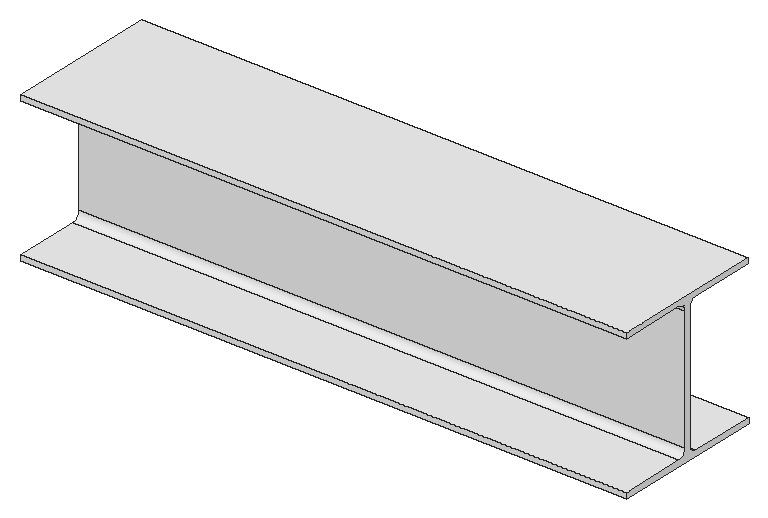
Revit family
Parameters (values of type "305x305x79UBP")
  Start Extension Calculation [instance] = 3012.5 mm + Start Extension  # 3000 mm
  Start Extension [instance] = -12.5 mm
  End Extension Calculation [instance] = 3012.5 mm + End Extension  # 3000 mm
  End Extension [instance] = -12.5 mm
  Beam Material [instance] = Metal - Steel - 345 MPa
  Assembly Code = ""
  A = 0.01 m²
  Ix = 16440
  Length [instance] = 1524 mm
  M = 78.9
  Nominal h = "305"
  Zx = 1099
  b = 306.4 mm
  h = 299.3 mm
  r = 15.2 mm
  s = 11 mm
  t = 11.1 mm
Reference planes
  plane 1 "Center (Front/Back)": y = 0
  plane 2: z = 0
  plane 3 "Center (Left/Right)": x = 4.61
  plane 4 "Member Left": x = -604.99
  plane 5 "Member Right": x = 614.21
  plane 6: y = 153.2
  plane 7: y = -153.2
  plane 8 "Top": z = 149.65
  plane 9: z = -149.65
  plane 10 "Right": x = 766.61
  plane 11 "Left": x = -757.39
  plane 12: x = -604.99
  plane 13: x = 614.21
  plane 14: x = 2395.01
  plane 15: x = -2385.79
Forms (mm)
  Sweep 1, solid, material "Metal - Steel - 345 MPa" <- "Beam Material", detail levels fine
    path origin (0, 0, 0) x (1, 0, 0) y (0, 1, 0)
      loop
        line (614.21, 0) -> (-604.99, 0)
    profile "M_HP-Bearing Pile-Profile-Fine : M_HP-Bearing Pile-Profile-Fine" origin (4.61, 0, 0) x (0, -1, 0) y (0, 0, 1)
      loop
        line (-153.2, -149.65) -> (153.2, -149.65) -> (153.2, -138.55) -> (20.7, -138.55)
        arc (20.7, -138.55) -> (9.952, -134.098) -> (5.5, -123.35) r 15.2
        line (5.5, -123.35) -> (5.5, 123.35)
        arc (5.5, 123.35) -> (9.952, 134.098) -> (20.7, 138.55) r 15.2
        line (20.7, 138.55) -> (153.2, 138.55) -> (153.2, 149.65) -> (-153.2, 149.65) -> (-153.2, 138.55) -> (-20.7, 138.55)
        arc (-20.7, 138.55) -> (-9.952, 134.098) -> (-5.5, 123.35) r 15.2
        line (-5.5, 123.35) -> (-5.5, -123.35)
        arc (-5.5, -123.35) -> (-9.952, -134.098) -> (-20.7, -138.55) r 15.2
        line (-20.7, -138.55) -> (-153.2, -138.55) -> (-153.2, -149.65)
  Sweep 2, solid, material "Metal - Steel - 345 MPa" <- "Beam Material", detail levels medium
    path origin (0, 0, 0) x (1, 0, 0) y (0, 1, 0)
      loop
        line (614.21, 0) -> (-604.99, 0)
    profile "M_HP-Bearing Pile-Profile-Medium : M_HP-Bearing Pile-Profile-Medium" origin (4.61, 0, 0) x (0, -1, 0) y (0, 0, 1)
      loop
        line (-153.2, -149.65) -> (153.2, -149.65) -> (153.2, -138.55) -> (5.5, -138.55) -> (5.5, 138.55) -> (153.2, 138.55) -> (153.2, 149.65) -> (-153.2, 149.65) -> (-153.2, 138.55) -> (-5.5, 138.55) -> (-5.5, -138.55) -> (-153.2, -138.55) -> (-153.2, -149.65)
Lines and regions (mm)
  symbolic lines, style "Hidden Faces", detail levels medium+fine
    curve 1: line (614.21, -5.5, 0) -> (-604.99, -5.5, 0)
    curve 2: line (614.21, 5.5, 0) -> (-604.99, 5.5, 0)
  symbolic lines, style "Stick Symbols", detail levels coarse
    curve 3: line (4.61, 153.2, 149.65) -> (4.61, -153.2, 149.65)
    curve 4: line (4.61, -153.2, -149.65) -> (4.61, 153.2, -149.65)
    curve 5: line (4.61, 0, 149.65) -> (4.61, 0, -149.65)
Dimensions and locks
  "b": plane 6 to plane 7
  "h": plane 9 to plane 8 "Top"
  equal spacing: plane 9, plane 2, plane 8 "Top"
  equal spacing: plane 6, plane 1 "Center (Front/Back)", plane 7
  "Length": plane 11 "Left" to plane 10 "Right"
  locked: plane 4 "Member Left" to plane 14 at 3000
  locked: plane 15 to plane 5 "Member Right" at 3000
  "End Extension Calculation": plane 15 to plane 13
  "Start Extension Calculation": plane 12 to plane 14
  aligned and locked: Sweep 1 sketch curve to plane 1 "Center (Front/Back)"
  aligned and locked: Sweep 2 sketch curve to plane 1 "Center (Front/Back)"
  aligned and locked: Sweep 2 to curve 3  (x2)
  aligned and locked: Sweep 2 to curve 4  (x2)
  aligned and locked: curve 4 to Sweep 2
  aligned and locked: curve 3 to Sweep 2
  aligned and locked: plane 12 to Sweep 2 sketch curve
  aligned and locked: plane 13 to Sweep 2 sketch curve
  aligned and locked: plane 12 to Sweep 1 sketch curve
  aligned and locked: plane 13 to Sweep 1 sketch curve
Automatic sketch dimensions
  curve 1 to plane 4 "Member Left" = 0 mm
  curve 2 to plane 4 "Member Left" = 0 mm
  curve 2 to plane 5 "Member Right" = 0 mm
  curve 1 to plane 5 "Member Right" = 0 mm
  plane 1 "Center (Front/Back)" to curve 1 = 5.5 mm
  curve 2 to plane 1 "Center (Front/Back)" = 5.5 mm
  curve 5 to plane 1 "Center (Front/Back)" = 0 mm
